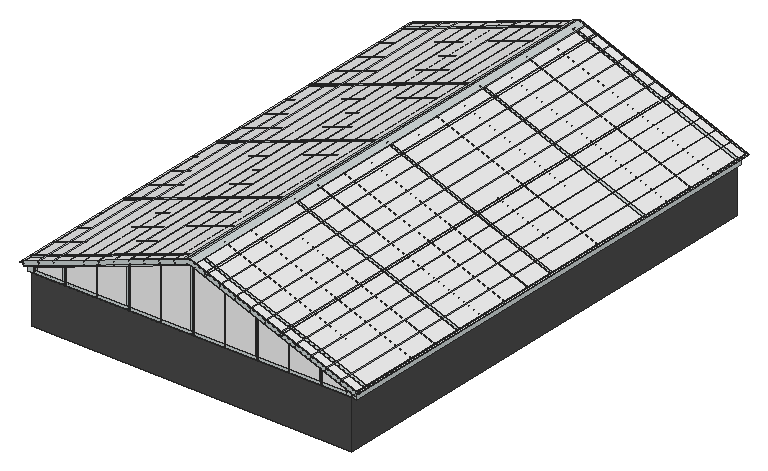
Revit family "Structures Unlimited Center Ridge Skylight", category Generic Models, host Roof, Revit 2018 (continued)
Definition of nested family "Center Ridge Skylight Roof Panels"
  Dimensions and locks (in)
    aligned and locked: Sweep 3 sketch curve to plane 230
  Automatic sketch dimensions
    Sweep 3 sketch curve to plane 112 = 0' - 0"
Definition of nested family "Center Ridge Skylight Edge Cap"
  Parameters (values of type "Center Ridge Skylight Edge Cap")
    Vertical Offset [instance] = 8' - 0"
    Thickness [instance] = 0' - 0 1/8"
    Span [instance] = 8' - 4"
    Roof Pitch [instance] = 20.00°
    Panel Offset [instance] = 0' 5" / cos(Roof Pitch) + 0' 0 1/8"  # 0' - 5.44589"
    Panel Depth [instance] = 0' - 2 3/4"
    Length [instance] = 16' - 8"
    Leg Length [instance] = 0' - 0 1/2"
    CRF [instance] = none
  Reference planes (in)
    plane 1 "Center (Front/Back)": y = 0
    plane 2: z = 0
    plane 3 "Center (Left/Right)": x = 0
    plane 4: x = -50
    plane 5: x = 50
    plane 6: y = -100
    plane 7: y = 100
    plane 8: z = 96
    plane 9: z = 3976
    plane 10: y = -100.125
    plane 11: y = -99.5
    plane 12: y = 99.5
    plane 13: y = 100.125
  Forms (in)
    Extrusion 1, solid, material <- "CRF"
      sketch origin (0, 0, 0) x (1, 0, 0) y (0, 0, 1)
        loop
          line (-56.10077, 96.83901) -> (-55.07471, 94.01993) -> (0, 114.06549) -> (55.07471, 94.01993) -> (56.10077, 96.83901) -> (0, 117.25802) -> (-56.10077, 96.83901)
      from -100.125 to 100.125
    Extrusion 2, void
      sketch origin (0, 0, 0) x (1, 0, 0) y (0, 0, 1)
        loop
          line (-55.07471, 94.01993) -> (0, 114.06549) -> (55.07471, 94.01993) -> (56.10077, 96.83901) -> (0, 117.25802) -> (-56.10077, 96.83901) -> (-55.07471, 94.01993)
      from -99.5 to 99.5
  Cuts and joins
    Extrusion 2 cuts Extrusion 1
  Lines and regions (in)
    reference lines
      curve 1: line (-50, 0, 96) -> (136.05914, 0, 163.71999)
      curve 2: line (50, 0, 96) -> (-175.52623, 0, 178.08483)
      curve 3: line (50, 0, 96) -> (127.98059, 0, 310.24992)
      curve 4: line (-50, 0, 96) -> (-130.03271, 0, 315.88807)
      curve 5: line (-24.15168, 0, 9.05961) -> (-112.39288, 0, 251.5003)
      curve 6: line (55.07471, 0, 94.01993) -> (142.78959, 0, 335.01458)
      curve 7: line (-179.02535, 0, 51.9651) -> (142.34952, 0, 168.93599)
      curve 8: line (378.17676, 0, -20.52008) -> (-210.07082, 0, 193.58453)
      curve 9: line (-249.91358, 0, 26.29692) -> (31.9942, 0, 128.90296)
      curve 10: line (-181.71572, 0, 47.92638) -> (111.46837, 0, 154.63666)
      curve 11: line (-219.08912, 0, 196.99994) -> (130.47654, 0, 69.76845)
      curve 12: line (-173.26839, 0, 177.13002) -> (131.19202, 0, 66.3155)
  Dimensions and locks (in)
    equal spacing: plane 7, plane 1 "Center (Front/Back)", plane 6
    equal spacing: plane 4, plane 3 "Center (Left/Right)", plane 5
    "Span": plane 4 to plane 5
    "Length": plane 7 to plane 6
    "Vertical Offset": plane 8 to plane 2
    locked: curve 1 to plane 8
    locked: curve 1 to plane 4
    locked: plane 5 to curve 2 at 0
    locked: curve 2 to plane 8 at 0
    "Panel Offset": curve 4 to curve 5
    "Panel Offset": curve 6 to curve 3
    "Panel Depth": curve 8 to curve 2
    "Panel Depth": curve 1 to curve 7
    "Thickness": curve 10 to curve 1
    "Thickness": curve 7 to curve 9
    "Thickness": curve 2 to curve 12
    "Thickness": curve 11 to curve 8
    "Thickness": plane 13 to plane 7
    "Thickness": plane 6 to plane 10
    "Leg Length": plane 7 to plane 12
    "Leg Length": plane 11 to plane 6
    "Roof Pitch": angle plane 8 to curve 1
    "Roof Pitch": angle curve 2 to plane 8
    "Roof Pitch": angle plane 4 to curve 4
    "Roof Pitch": angle curve 3 to plane 5
    "Roof Pitch": angle plane 4 to curve 5
    "Roof Pitch": angle curve 6 to plane 5
    "Roof Pitch": angle plane 8 to curve 7
    "Roof Pitch": angle curve 8 to plane 8
    "Roof Pitch": angle plane 2 to curve 10
    "Roof Pitch": angle plane 2 to curve 9
    "Roof Pitch": angle curve 12 to plane 2
    "Roof Pitch": angle curve 11 to plane 2
    aligned and locked: level to plane 2
    aligned and locked: Extrusion 1 to plane 13
    aligned and locked: Extrusion 1 to plane 10
    aligned and locked: plane 12 to Extrusion 2
    aligned and locked: plane 11 to Extrusion 2
    aligned and locked: Extrusion 1 sketch curve to curve 5
    aligned and locked: Extrusion 1 sketch curve to curve 9
    aligned and locked: curve 10 to Extrusion 1 sketch curve
    aligned and locked: curve 12 to Extrusion 1 sketch curve
    aligned and locked: Extrusion 1 sketch curve to curve 6
    aligned and locked: Extrusion 1 sketch curve to curve 11
    aligned and locked: Extrusion 2 sketch curve to curve 5
    aligned and locked: Extrusion 2 sketch curve to curve 9
    aligned and locked: curve 10 to Extrusion 2 sketch curve
    aligned and locked: Extrusion 2 sketch curve to curve 6
    aligned and locked: Extrusion 2 sketch curve to curve 11
    aligned and locked: curve 12 to Extrusion 2 sketch curve
  Automatic sketch dimensions
    plane 8 to curve 5 = 12' - 11.5003"
    curve 8 to curve 2 = 2' - 10.54459"
    curve 2 to curve 12 = 0' - 2.25784"
    curve 7 to plane 8 = 3' - 8.0349"
    curve 9 to plane 5 = 1' - 6.0058"
    curve 10 to curve 1 = 0' - 9.08333"
    curve 2 to curve 11 = 1' - 6.91511"
Definition of nested family "Center Ridge Skylight Walls"
  Parameters (values of type "Center Ridge Skylight Walls")
    Vertical Grid Spacing [instance] = 1' - 0"  # constant formula
    Panel Skin Thickness [instance] = 0' - 0.063"  # constant formula
    Roof Pitch [instance] = 20.00°
    Overlap Width [instance] = 0' - 1 3/4"  # constant formula
    Overlap Offset [instance] = Overlap Width / 2  # 0' - 0 7/8"
    IBeam Width [instance] = 0' - 0 1/2"  # constant formula
    IBeam Thickness [instance] = 0' - 2 5/8"  # constant formula
    Horizontal PD [instance] = 50' - 0"
    Horizontal Grid Spacing [instance] = Bay Spacing / 4  # 2' - 0"
    Half IBeam Width [instance] = IBeam Width / 2  # 0' - 0 1/4"
    Half Horizontal PD [instance] = Horizontal PD / 2  # 25' - 0"
    Default Elevation = 4' - 0"
    Cope Height [instance] = 0' - 6"
    CRF [instance] = none
    Bay Spacing [instance] = 8' - 0"
    Batten Width [instance] = 0' - 2"  # constant formula
    Batten Thickness [instance] = 0' - 0 1/8"  # constant formula
  Reference planes (in)
    plane 1 "Center (Front/Back)": y = 0
    plane 2: z = 0
    plane 3 "Center (Left/Right)": x = 0
    plane 4 "Left Panel": x = -300
    plane 5 "Right Panel": x = 300
    plane 6: z = 0.063
    plane 7: z = 2.688
    plane 8: z = 2.751
    plane 9: y = -1.75
    plane 10 "Left Outside": x = -1100
    plane 11 "Right Outside": x = 1100
    plane 12: y = 0.25
    plane 13 "Max Top PD": y = 1080
    plane 14 "Max Left PD": x = -1076
    plane 15 "Max Right PD": x = 1076
    plane 16 "Top Outside": y = 1104
    plane 17: x = -24
    plane 18: x = -48
    plane 19: x = -72
    plane 20: x = -96
    plane 21: x = -120
    plane 22: x = -144
    plane 23: x = -168
    plane 24: x = -192
    plane 25: x = 24
    plane 26: x = 48
    plane 27: x = 72
    plane 28: x = 96
    plane 29: x = 120
    plane 30: x = 144
    plane 31: x = 168
    plane 32: x = 192
    plane 33: x = 216
    plane 34: x = -216
    plane 35: x = -240
    plane 36: x = 240
    plane 37: x = -264
    plane 38: x = -288
    plane 39: x = -312
    plane 40: x = -336
    plane 41: x = -360
    plane 42: x = -384
    plane 43: x = -408
    plane 44: x = 264
    plane 45: x = 288
    plane 46: x = 312
    plane 47: x = 336
    plane 48: x = 360
    plane 49: x = 384
    plane 50: x = 408
    plane 51: y = 12.25
    plane 52: y = 24.25
    plane 53: y = 36.25
    plane 54: y = 48.25
    plane 55: y = 60.25
    plane 56: y = 72.25
    plane 57: y = 84.25
    plane 58: y = 96.25
    plane 59: y = 108.25
    plane 60: z = 2.876
    plane 61: z = -0.125
    plane 62 "Bot Max": y = -36
    plane 63 "Bot Outside": y = -48
    plane 64: x = -432
    plane 65: x = -456
    plane 66: x = 432
    plane 67: x = 456
    plane 68: y = 120.25
    plane 69: y = 132.25
    plane 70: y = 144.25
    plane 71: y = 156.25
    plane 72: y = 168.25
    plane 73: y = 180.25
    plane 74: y = 192.25
    plane 75: y = 204.25
    plane 76: y = 216.25
    plane 77: y = 228.25
    plane 78: y = 240.25
    plane 79: y = 252.25
    plane 80: y = 264.25
    plane 81: y = 276.25
    plane 82: y = 288.25
    plane 83: y = 300.25
    plane 84: y = 312.25
    plane 85: y = 324.25
    plane 86: y = 336.25
    plane 87: y = 348.25
    plane 88: y = 360.25
    plane 89: y = 372.25
    plane 90: y = 384.25
    plane 91: y = 396.25
    plane 92: y = 408.25
    plane 93: y = 420.25
    plane 94: y = 432.25
    plane 95: y = 444.25
    plane 96: y = 456.25
    plane 97: y = 468.25
    plane 98: y = 480.25
    plane 99: y = 492.25
    plane 100: y = 504.25
    plane 101: y = 516.25
    plane 102: y = 528.25
    plane 103: x = -480
    plane 104: x = -504
    plane 105: x = -528
    plane 106: x = -552
    plane 107: x = -576
    plane 108: x = -600
    plane 109: x = -624
    plane 110: x = -648
    plane 111: x = -672
    plane 112: x = -696
    plane 113: x = -720
    plane 114: x = -744
    plane 115: x = 480
    plane 116: x = 504
    plane 117: x = 552
    plane 118: x = 528
    plane 119: x = 576
    plane 120: x = 600
    plane 121: x = 648
    plane 122: x = 624
    plane 123: x = 672
    plane 124: x = 696
    plane 125: x = 720
    plane 126: x = 744
    plane 127: y = 540.25
    plane 128: y = 552.25
    plane 129: y = 564.25
    plane 130: y = 576.25
    plane 131: y = 588.25
    plane 132: y = 600.25
    plane 133: y = 612.25
    plane 134: y = 624.25
    plane 135: y = 636.25
    plane 136: y = 648.25
    plane 137: y = 660.25
    plane 138: y = 684.25
    plane 139: y = 696.25
    plane 140: y = 672.25
    plane 141: y = 708.25
    plane 142: y = 720.25
    plane 143: y = 744.25
    plane 144: y = 732.25
    plane 145: y = 768.25
    plane 146: y = 756.25
    plane 147: y = 780.25
    plane 148: y = 804.25
    plane 149: y = 792.25
    plane 150: y = 816.25
    plane 151: y = 828.25
    plane 152: y = 840.25
    plane 153: y = 852.25
    plane 154: y = 864.25
    plane 155: y = 876.25
    plane 156: y = 888.25
    plane 157: y = 900.25
    plane 158: y = 912.25
    plane 159: y = 936.25
    plane 160: y = 948.25
    plane 161: y = 960.25
    plane 162: y = 924.25
  Forms (in)
    Extrusion 1, solid
      sketch origin (0, 0, 0) x (1, 0, 0) y (0, 1, 0)
        loop
          line (1076, 0) -> (1076, 1080) -> (-1076, 1080) -> (-1076, 0) -> (1076, 0)
      from 0.063 to 0
    Extrusion 2, solid
      sketch origin (0, 0, 0) x (1, 0, 0) y (0, 1, 0)
        loop
          line (1076, 0) -> (1076, 1080) -> (-1076, 1080) -> (-1076, 0) -> (1076, 0)
      from 2.688 to 2.751
    Sweep 3, solid
      path origin (0, 0, 0) x (1, 0, 0) y (0, 1, 0)
        loop
          line (1076, 1080) -> (1076, 0.25) -> (744, 0.25) -> (744, 1080) -> (720, 1080) -> (720, 0.25) -> (696, 0.25) -> (696, 1080) -> (672, 1080) -> (672, 0.25) -> (648, 0.25) -> (648, 1080) -> (624, 1080) -> (624, 0.25) -> (600, 0.25) -> (600, 1080) -> (576, 1080) -> (576, 0.25) -> (552, 0.25) -> (552, 1080) -> (528, 1080) -> (528, 0.25) -> (504, 0.25) -> (504, 1080) -> (480, 1080) -> (480, 0.25) -> (456, 0.25) -> (456, 1080) -> (432, 1080) -> (432, 0.25) -> (408, 0.25) -> (408, 1080) -> (384, 1080) -> (384, 0.25) -> (360, 0.25) -> (360, 1080) -> (336, 1080) -> (336, 0.25) -> (312, 0.25) -> (312, 1080) -> (288, 1080) -> (288, 0.25) -> (264, 0.25) -> (264, 1080) -> (240, 1080) -> (240, 0.25) -> (216, 0.25) -> (216, 1080) -> (192, 1080) -> (192, 0.25) -> (168, 0.25) -> (168, 1080) -> (144, 1080) -> (144, 0.25) -> (120, 0.25) -> (120, 1080) -> (96, 1080) -> (96, 0.25) -> (72, 0.25) -> (72, 1080) -> (48, 1080) -> (48, 0.25) -> (24, 0.25) -> (24, 1080) -> (0, 1080) -> (0, 0.25) -> (-24, 0.25) -> (-24, 1080) -> (-48, 1080) -> (-48, 0.25) -> (-72, 0.25) -> (-72, 1080) -> (-96, 1080) -> (-96, 0.25) -> (-120, 0.25) -> (-120, 1080) -> (-144, 1080) -> (-144, 0.25) -> (-168, 0.25) -> (-168, 1080) -> (-192, 1080) -> (-192, 0.25) -> (-216, 0.25) -> (-216, 1080) -> (-240, 1080) -> (-240, 0.25) -> (-264, 0.25) -> (-264, 1080) -> (-288, 1080) -> (-288, 0.25) -> (-312, 0.25) -> (-312, 1080) -> (-336, 1080) -> (-336, 0.25) -> (-360, 0.25) -> (-360, 1080) -> (-384, 1080) -> (-384, 0.25) -> (-408, 0.25) -> (-408, 1080) -> (-432, 1080) -> (-432, 0.25) -> (-456, 0.25) -> (-456, 1080) -> (-480, 1080) -> (-480, 0.25) -> (-504, 0.25) -> (-504, 1080) -> (-528, 1080) -> (-528, 0.25) -> (-552, 0.25) -> (-552, 1080) -> (-576, 1080) -> (-576, 0.25) -> (-600, 0.25) -> (-600, 1080) -> (-624, 1080) -> (-624, 0.25) -> (-648, 0.25) -> (-648, 1080) -> (-672, 1080) -> (-672, 0.25) -> (-696, 0.25) -> (-696, 1080) -> (-720, 1080) -> (-720, 0.25) -> (-744, 0.25) -> (-744, 1080) -> (-1076, 1080) -> (-1076, 0.25)
      profile origin (-1076, 540.125, 0) x (1, 0, 0) y (0, 0, 1)
        loop
          line (0.25, 0.063) -> (0.25, 2.688) -> (-0.25, 2.688) -> (-0.25, 0.063) -> (0.25, 0.063)
    Sweep 4, solid
      path origin (0, 0, 0) x (1, 0, 0) y (0, 1, 0)
        loop
          line (1076, 1080) -> (-1076, 1080) -> (-1076, 960.25) -> (1076, 960.25) -> (1076, 948.25) -> (-1076, 948.25) -> (-1076, 936.25) -> (1076, 936.25) -> (1076, 924.25) -> (-1076, 924.25) -> (-1076, 912.25) -> (1076, 912.25) -> (1076, 900.25) -> (-1076, 900.25) -> (-1076, 888.25) -> (1076, 888.25) -> (1076, 876.25) -> (-1076, 876.25) -> (-1076, 864.25) -> (1076, 864.25) -> (1076, 852.25) -> (-1076, 852.25) -> (-1076, 840.25) -> (1076, 840.25) -> (1076, 828.25) -> (-1076, 828.25) -> (-1076, 816.25) -> (1076, 816.25) -> (1076, 804.25) -> (-1076, 804.25) -> (-1076, 792.25) -> (1076, 792.25) -> (1076, 780.25) -> (-1076, 780.25) -> (-1076, 768.25) -> (1076, 768.25) -> (1076, 756.25) -> (-1076, 756.25) -> (-1076, 744.25) -> (1076, 744.25) -> (1076, 732.25) -> (-1076, 732.25) -> (-1076, 720.25) -> (1076, 720.25) -> (1076, 708.25) -> (-1076, 708.25) -> (-1076, 696.25) -> (1076, 696.25) -> (1076, 684.25) -> (-1076, 684.25) -> (-1076, 672.25) -> (1076, 672.25) -> (1076, 660.25) -> (-1076, 660.25) -> (-1076, 648.25) -> (1076, 648.25) -> (1076, 636.25) -> (-1076, 636.25) -> (-1076, 624.25) -> (1076, 624.25) -> (1076, 612.25) -> (-1076, 612.25) -> (-1076, 600.25) -> (1076, 600.25) -> (1076, 588.25) -> (-1076, 588.25) -> (-1076, 576.25) -> (1076, 576.25) -> (1076, 564.25) -> (-1076, 564.25) -> (-1076, 552.25) -> (1076, 552.25) -> (1076, 540.25) -> (-1076, 540.25) -> (-1076, 528.25) -> (1076, 528.25) -> (1076, 516.25) -> (-1076, 516.25) -> (-1076, 504.25) -> (1076, 504.25) -> (1076, 492.25) -> (-1076, 492.25) -> (-1076, 480.25) -> (1076, 480.25) -> (1076, 468.25) -> (-1076, 468.25) -> (-1076, 456.25) -> (1076, 456.25) -> (1076, 444.25) -> (-1076, 444.25) -> (-1076, 432.25) -> (1076, 432.25) -> (1076, 420.25) -> (-1076, 420.25) -> (-1076, 408.25) -> (1076, 408.25) -> (1076, 396.25) -> (-1076, 396.25) -> (-1076, 384.25) -> (1076, 384.25) -> (1076, 372.25) -> (-1076, 372.25) -> (-1076, 360.25) -> (1076, 360.25) -> (1076, 348.25) -> (-1076, 348.25) -> (-1076, 336.25) -> (1076, 336.25) -> (1076, 324.25) -> (-1076, 324.25) -> (-1076, 312.25) -> (1076, 312.25) -> (1076, 300.25) -> (-1076, 300.25) -> (-1076, 288.25) -> (1076, 288.25) -> (1076, 276.25) -> (-1076, 276.25) -> (-1076, 264.25) -> (1076, 264.25) -> (1076, 252.25) -> (-1076, 252.25) -> (-1076, 240.25) -> (1076, 240.25) -> (1076, 228.25) -> (-1076, 228.25) -> (-1076, 216.25) -> (1076, 216.25) -> (1076, 204.25) -> (-1076, 204.25) -> (-1076, 192.25) -> (1076, 192.25) -> (1076, 180.25) -> (-1076, 180.25) -> (-1076, 168.25) -> (1076, 168.25) -> (1076, 156.25) -> (-1076, 156.25) -> (-1076, 144.25) -> (1076, 144.25) -> (1076, 132.25) -> (-1076, 132.25) -> (-1076, 120.25) -> (1076, 120.25) -> (1076, 108.25) -> (-1076, 108.25) -> (-1076, 96.25) -> (1076, 96.25) -> (1076, 84.25) -> (-1076, 84.25) -> (-1076, 72.25) -> (1076, 72.25) -> (1076, 60.25) -> (-1076, 60.25) -> (-1076, 48.25) -> (1076, 48.25) -> (1076, 36.25) -> (-1076, 36.25) -> (-1076, 24.25) -> (1076, 24.25) -> (1076, 12.25) -> (-1076, 12.25) -> (-1076, 0.25) -> (1076, 0.25)
      profile origin (0, 0.25, 0) x (0, 1, 0) y (0, 0, 1)
        loop
          line (-0.25, 2.688) -> (-0.25, 0.063) -> (0.25, 0.063) -> (0.25, 2.688) -> (-0.25, 2.688)
    Extrusion 5, void
      sketch origin (0, 0, 0) x (1, 0, 0) y (0, 1, 0)
        loop
          line (-300, -1.75) -> (-300, 6) -> (0, 115.19107) -> (300, 6) -> (300, -1.75) -> (1100, -1.75) -> (1100, 1104) -> (-1100, 1104) -> (-1100, -1.75) -> (-300, -1.75)
      from -0.125 to 2.876
    Extrusion 6, void
      sketch origin (0, 0, 0) x (1, 0, 0) y (0, 1, 0)
        loop
          line (-1100, -48) -> (1100, -48) -> (1100, 0) -> (-1100, 0) -> (-1100, -48)
      from -0.125 to 2.876
    Sweep 7, solid, material <- "CRF"
      path origin (0, 0, 0) x (1, 0, 0) y (0, 1, 0)
        loop
          line (-1076, 1080) -> (-1076, -36) -> (-720, -36) -> (-720, 1080) -> (-672, 1080) -> (-672, -36) -> (-624, -36) -> (-624, 1080) -> (-576, 1080) -> (-576, -36) -> (-528, -36) -> (-528, 1080) -> (-480, 1080) -> (-480, -36) -> (-432, -36) -> (-432, 1080) -> (-384, 1080) -> (-384, -36) -> (-336, -36) -> (-336, 1080) -> (-288, 1080) -> (-288, -36) -> (-240, -36) -> (-240, 1080) -> (-192, 1080) -> (-192, -36) -> (-144, -36) -> (-144, 1080) -> (-96, 1080) -> (-96, -36) -> (-48, -36) -> (-48, 1080) -> (0, 1080) -> (0, -36) -> (48, -36) -> (48, 1080) -> (96, 1080) -> (96, -36) -> (144, -36) -> (144, 1080) -> (192, 1080) -> (192, -36) -> (240, -36) -> (240, 1080) -> (288, 1080) -> (288, -36) -> (336, -36) -> (336, 1080) -> (384, 1080) -> (384, -36) -> (432, -36) -> (432, 1080) -> (480, 1080) -> (480, -36) -> (528, -36) -> (528, 1080) -> (576, 1080) -> (576, -36) -> (624, -36) -> (624, 1080) -> (672, 1080) -> (672, -36) -> (720, -36) -> (720, 1080) -> (1076, 1080) -> (1076, -36)
      profile origin (-1076, 522, 0) x (1, 0, 0) y (0, 0, 1)
        loop
          line (-1, 2.876) -> (-1, -0.125) -> (1, -0.125) -> (1, 2.876) -> (-1, 2.876)
    Sweep 8, solid, material <- "CRF"
      path origin (0, 0, 0) x (1, 0, 0) y (0, 1, 0)
        loop
          line (300, 0) -> (300, 6) -> (0, 115.19107) -> (-300, 6) -> (-300, 0) -> (300, 0)
      profile origin (0, 0, 0) x (0, -1, 0) y (0, 0, 1)
        loop
          line (-2, 2.9385) -> (-2, 2.751) -> (0, 2.751) -> (0, 2.9385) -> (-2, 2.9385)
        loop
          line (-2, 0) -> (-2, -0.1875) -> (0, -0.1875) -> (0, 0) -> (-2, 0)
  Cuts and joins
    Extrusion 5, Extrusion 6 cuts Sweep 4
    Extrusion 5, Extrusion 6 cuts Sweep 3
    Extrusion 5 cuts Extrusion 2
    Extrusion 5, Extrusion 6 cuts Extrusion 1
    Extrusion 5, Extrusion 6 cuts Sweep 7
  Lines and regions (in)
    reference lines
      curve 1: line (-300, 6, 0) -> (-1.17775, 114.76241, 0)
      curve 2: line (300, 6, 0) -> (-128.49984, 161.96119, 0)
  Dimensions and locks (in)
    "Cope Height": plane 1 "Center (Front/Back)" to curve 1
    locked: plane 4 "Left Panel" to curve 1
    locked: plane 5 "Right Panel" to curve 2
    "Cope Height": plane 1 "Center (Front/Back)" to curve 2
    "Panel Skin Thickness": plane 6 to plane 2
    "IBeam Thickness": plane 7 to plane 6
    "Panel Skin Thickness": plane 8 to plane 7
    "Half Horizontal PD": plane 4 "Left Panel" to plane 3 "Center (Left/Right)"
    "Half Horizontal PD": plane 3 "Center (Left/Right)" to plane 5 "Right Panel"
    "Overlap Width": plane 1 "Center (Front/Back)" to plane 9
    locked: plane 10 "Left Outside" to plane 3 "Center (Left/Right)" at 1100
    locked: plane 3 "Center (Left/Right)" to plane 11 "Right Outside" at 1100
    "Half IBeam Width": plane 1 "Center (Front/Back)" to plane 12
    locked: plane 1 "Center (Front/Back)" to plane 13 "Max Top PD" at 1080
    equal spacing: Sweep 3 sketch curve, profile plane, Sweep 3 sketch curve
    "IBeam Width": Sweep 3 sketch curve to Sweep 3 sketch curve
    "IBeam Width": Sweep 4 sketch curve to Sweep 4 sketch curve
    equal spacing: Sweep 4 sketch curve, plane 12, Sweep 4 sketch curve
    "Batten Thickness": plane 60 to plane 8
    "Batten Thickness": plane 2 to plane 61
    locked: plane 62 "Bot Max" to plane 1 "Center (Front/Back)" at 36
    locked: plane 63 "Bot Outside" to plane 1 "Center (Front/Back)" at 48
    "Horizontal Grid Spacing": plane 65 to plane 64 to plane 43 to plane 42 to plane 41 to plane 40 to plane 39 to plane 38 to plane 37 to plane 35 to plane 34 to plane 24 to plane 23 to plane 22 to plane 21 to plane 20 to plane 19 to plane 18 to plane 17 to plane 3 "Center (Left/Right)" to plane 25 to plane 26 to plane 27 to plane 28 to plane 29 to plane 30 to plane 31 to plane 32 to plane 33 to plane 36 to plane 44 to plane 45 to plane 46 to plane 47 to plane 48 to plane 49 to plane 50 to plane 66 to plane 67
    "Vertical Grid Spacing": plane 102 to plane 101 to plane 100 to plane 99 to plane 98 to plane 97 to plane 96 to plane 95 to plane 94 to plane 93 to plane 92 to plane 91 to plane 90 to plane 89 to plane 88 to plane 87 to plane 86 to plane 85 to plane 84 to plane 83 to plane 82 to plane 81 to plane 80 to plane 79 to plane 78 to plane 77 to plane 76 to plane 75 to plane 74 to plane 73 to plane 72 to plane 71 to plane 70 to plane 69 to plane 68 to plane 59 to plane 58 to plane 57 to plane 56 to plane 55 to plane 54 to plane 53 to plane 52 to plane 51 to plane 12
    equal spacing: Sweep 7 sketch curve, profile plane, Sweep 7 sketch curve
    "Batten Width": Sweep 7 sketch curve to Sweep 7 sketch curve
    locked: plane 10 "Left Outside" to plane 14 "Max Left PD" at 24
    locked: plane 15 "Max Right PD" to plane 11 "Right Outside" at 24
    locked: plane 16 "Top Outside" to plane 13 "Max Top PD" at 24
    "Horizontal Grid Spacing": plane 114 to plane 113 to plane 112 to plane 111 to plane 110 to plane 109 to plane 108 to plane 107 to plane 106 to plane 105 to plane 104 to plane 103 to plane 65
    "Horizontal Grid Spacing": plane 67 to plane 115 to plane 116 to plane 118 to plane 117 to plane 119 to plane 120 to plane 122 to plane 121 to plane 123 to plane 124 to plane 125 to plane 126
    "Vertical Grid Spacing": plane 102 to plane 127 to plane 128 to plane 129 to plane 130 to plane 131 to plane 132 to plane 133 to plane 134 to plane 135 to plane 136 to plane 137 to plane 140 to plane 138 to plane 139 to plane 141 to plane 142 to plane 144 to plane 143 to plane 146 to plane 145 to plane 147
    "Vertical Grid Spacing": plane 147 to plane 149 to plane 148 to plane 150 to plane 151 to plane 152 to plane 153 to plane 154 to plane 155 to plane 156 to plane 157 to plane 158 to plane 162 to plane 159 to plane 160 to plane 161
    "Batten Width": Sweep 8 sketch curve to Sweep 8 sketch curve  (x2)
    locked: Sweep 8 sketch curve to Sweep 8 sketch curve at 0.1875  (x2)
    "Roof Pitch": angle plane 1 "Center (Front/Back)" to curve 1
    "Roof Pitch": angle curve 2 to plane 1 "Center (Front/Back)"
    aligned and locked: level to plane 2
    aligned and locked: Extrusion 1 sketch curve to plane 1 "Center (Front/Back)"
    aligned and locked: plane 2 to Extrusion 1
    aligned and locked: Extrusion 1 to plane 6
    aligned and locked: Extrusion 2 to plane 7
    aligned and locked: Extrusion 2 to plane 8
    aligned and locked: Sweep 3 sketch curve to plane 14 "Max Left PD"
    aligned and locked: Sweep 3 sketch curve to plane 13 "Max Top PD"  (x30)
    aligned and locked: Sweep 3 sketch curve to plane 42
    aligned and locked: Sweep 3 sketch curve to plane 41
    aligned and locked: Sweep 3 sketch curve to plane 40
    aligned and locked: Sweep 3 sketch curve to plane 39
    aligned and locked: Sweep 3 sketch curve to plane 38
    aligned and locked: Sweep 3 sketch curve to plane 37
    aligned and locked: Sweep 3 sketch curve to plane 35
    aligned and locked: Sweep 3 sketch curve to plane 34
    aligned and locked: Sweep 3 sketch curve to plane 24
    aligned and locked: Sweep 3 sketch curve to plane 23
    aligned and locked: Sweep 3 sketch curve to plane 22
    aligned and locked: Sweep 3 sketch curve to plane 21
    aligned and locked: Sweep 3 sketch curve to plane 20
    aligned and locked: Sweep 3 sketch curve to plane 19
    aligned and locked: Sweep 3 sketch curve to plane 18
    aligned and locked: Sweep 3 sketch curve to plane 17
    aligned and locked: Sweep 3 sketch curve to plane 3 "Center (Left/Right)"
    aligned and locked: Sweep 3 sketch curve to plane 25
    aligned and locked: Sweep 3 sketch curve to plane 26
    aligned and locked: Sweep 3 sketch curve to plane 27
    aligned and locked: Sweep 3 sketch curve to plane 28
    aligned and locked: Sweep 3 sketch curve to plane 29
    aligned and locked: Sweep 3 sketch curve to plane 30
    aligned and locked: Sweep 3 sketch curve to plane 31
    aligned and locked: Sweep 3 sketch curve to plane 32
    aligned and locked: Sweep 3 sketch curve to plane 33
    aligned and locked: Sweep 3 sketch curve to plane 36
    aligned and locked: Sweep 3 sketch curve to plane 44
    aligned and locked: Sweep 3 sketch curve to plane 45
    aligned and locked: Sweep 3 sketch curve to plane 46
    aligned and locked: Sweep 3 sketch curve to plane 47
    aligned and locked: Sweep 3 sketch curve to plane 48
    aligned and locked: Sweep 3 sketch curve to plane 49
    aligned and locked: Sweep 3 sketch curve to plane 50
    aligned and locked: Sweep 3 sketch curve to plane 12  (x32)
    aligned and locked: plane 12 to Sweep 3 sketch curve
    aligned and locked: Sweep 3 sketch curve to plane 7
    aligned and locked: plane 6 to Sweep 3 sketch curve
    aligned and locked: Extrusion 2 sketch curve to plane 15 "Max Right PD"
    aligned and locked: plane 14 "Max Left PD" to Extrusion 2 sketch curve
    aligned and locked: Extrusion 2 sketch curve to plane 13 "Max Top PD"
    aligned and locked: Extrusion 1 sketch curve to plane 13 "Max Top PD"
    aligned and locked: Extrusion 1 sketch curve to plane 14 "Max Left PD"
    aligned and locked: Extrusion 1 sketch curve to plane 15 "Max Right PD"
    aligned and locked: Sweep 4 sketch curve to plane 12
    aligned and locked: Sweep 4 sketch curve to plane 51
    aligned and locked: Sweep 4 sketch curve to plane 52
    aligned and locked: Sweep 4 sketch curve to plane 53
    aligned and locked: Sweep 4 sketch curve to plane 54
    aligned and locked: Sweep 4 sketch curve to plane 55
    aligned and locked: Sweep 4 sketch curve to plane 56
    aligned and locked: Sweep 4 sketch curve to plane 57
    aligned and locked: Sweep 4 sketch curve to plane 58
    aligned and locked: Sweep 4 sketch curve to plane 59
    aligned and locked: Sweep 4 sketch curve to plane 13 "Max Top PD"
    aligned and locked: plane 15 "Max Right PD" to Sweep 4 sketch curve
    aligned and locked: plane 14 "Max Left PD" to Sweep 4 sketch curve  (x41)
    aligned and locked: Sweep 4 sketch curve to plane 15 "Max Right PD"  (x41)
    aligned and locked: plane 6 to Sweep 4 sketch curve
    aligned and locked: Sweep 4 sketch curve to plane 7
    aligned and locked: Extrusion 5 sketch curve to plane 16 "Top Outside"
    aligned and locked: plane 9 to Extrusion 5 sketch curve
    aligned and locked: Extrusion 5 sketch curve to plane 9
    aligned and locked: Extrusion 5 sketch curve to curve 1
    aligned and locked: Extrusion 5 sketch curve to curve 2
    aligned and locked: Extrusion 5 sketch curve to plane 11 "Right Outside"
    aligned and locked: plane 10 "Left Outside" to Extrusion 5 sketch curve
    aligned and locked: Extrusion 5 to plane 61
    aligned and locked: Extrusion 5 to plane 60
    aligned and locked: Extrusion 6 sketch curve to plane 1 "Center (Front/Back)"
    aligned and locked: plane 11 "Right Outside" to Extrusion 6 sketch curve
    aligned and locked: Extrusion 6 sketch curve to plane 10 "Left Outside"
    aligned and locked: Extrusion 6 sketch curve to plane 63 "Bot Outside"
    aligned and locked: plane 61 to Extrusion 6
    aligned and locked: plane 60 to Extrusion 6
    aligned and locked: Sweep 3 sketch curve to plane 65
    aligned and locked: Sweep 3 sketch curve to plane 64
    aligned and locked: Sweep 3 sketch curve to plane 43
    aligned and locked: Sweep 3 sketch curve to plane 66
    aligned and locked: Sweep 3 sketch curve to plane 67
    aligned and locked: Sweep 3 sketch curve to plane 15 "Max Right PD"
    aligned and locked: Sweep 4 sketch curve to plane 68
    aligned and locked: Sweep 4 sketch curve to plane 69
    aligned and locked: Sweep 4 sketch curve to plane 70
    aligned and locked: Sweep 4 sketch curve to plane 71
    aligned and locked: Sweep 4 sketch curve to plane 72
    aligned and locked: Sweep 4 sketch curve to plane 73
    aligned and locked: Sweep 4 sketch curve to plane 74
    aligned and locked: Sweep 4 sketch curve to plane 75
    aligned and locked: Sweep 4 sketch curve to plane 76
    aligned and locked: Sweep 4 sketch curve to plane 77
    aligned and locked: Sweep 4 sketch curve to plane 78
    aligned and locked: Sweep 4 sketch curve to plane 79
    aligned and locked: Sweep 4 sketch curve to plane 80
    aligned and locked: Sweep 4 sketch curve to plane 81
    aligned and locked: Sweep 4 sketch curve to plane 82
    aligned and locked: Sweep 4 sketch curve to plane 83
    aligned and locked: Sweep 4 sketch curve to plane 84
    aligned and locked: Sweep 4 sketch curve to plane 85
    aligned and locked: Sweep 4 sketch curve to plane 86
    aligned and locked: Sweep 4 sketch curve to plane 87
    aligned and locked: Sweep 4 sketch curve to plane 88
    aligned and locked: Sweep 4 sketch curve to plane 89
    aligned and locked: Sweep 4 sketch curve to plane 90
    aligned and locked: Sweep 4 sketch curve to plane 91
    aligned and locked: Sweep 4 sketch curve to plane 92
    aligned and locked: Sweep 4 sketch curve to plane 93
    aligned and locked: Sweep 4 sketch curve to plane 94
    aligned and locked: Sweep 4 sketch curve to plane 95
    aligned and locked: Sweep 4 sketch curve to plane 96
    aligned and locked: Sweep 4 sketch curve to plane 97
    aligned and locked: Sweep 4 sketch curve to plane 98
    aligned and locked: Sweep 4 sketch curve to plane 99
    aligned and locked: Sweep 4 sketch curve to plane 100
    aligned and locked: Sweep 4 sketch curve to plane 101
    aligned and locked: Sweep 4 sketch curve to plane 102
    aligned and locked: Sweep 7 sketch curve to plane 14 "Max Left PD"
    aligned and locked: Sweep 7 sketch curve to plane 42
    aligned and locked: Sweep 7 sketch curve to plane 38
    aligned and locked: Sweep 7 sketch curve to plane 24
    aligned and locked: Sweep 7 sketch curve to plane 20
    aligned and locked: Sweep 7 sketch curve to plane 3 "Center (Left/Right)"
    aligned and locked: Sweep 7 sketch curve to plane 28
    aligned and locked: Sweep 7 sketch curve to plane 32
    aligned and locked: Sweep 7 sketch curve to plane 45
    aligned and locked: Sweep 7 sketch curve to plane 49
    aligned and locked: Sweep 7 sketch curve to plane 15 "Max Right PD"
    aligned and locked: Sweep 7 sketch curve to plane 13 "Max Top PD"  (x14)
    aligned and locked: Sweep 7 sketch curve to plane 62 "Bot Max"  (x10)
    aligned and locked: plane 61 to Sweep 7 sketch curve
    aligned and locked: Sweep 7 sketch curve to plane 60
    aligned and locked: Sweep 3 sketch curve to plane 103
    aligned and locked: Sweep 3 sketch curve to plane 104
    aligned and locked: Sweep 3 sketch curve to plane 105
    aligned and locked: Sweep 3 sketch curve to plane 106
    aligned and locked: Sweep 3 sketch curve to plane 107
    aligned and locked: Sweep 3 sketch curve to plane 108
    aligned and locked: Sweep 3 sketch curve to plane 109
    aligned and locked: Sweep 3 sketch curve to plane 110
    aligned and locked: Sweep 3 sketch curve to plane 111
    aligned and locked: Sweep 3 sketch curve to plane 112
    aligned and locked: Sweep 3 sketch curve to plane 113
    aligned and locked: Sweep 3 sketch curve to plane 114
    aligned and locked: Sweep 3 sketch curve to plane 115
    aligned and locked: Sweep 3 sketch curve to plane 116
    aligned and locked: Sweep 3 sketch curve to plane 118
    aligned and locked: Sweep 3 sketch curve to plane 117
    aligned and locked: Sweep 3 sketch curve to plane 119
    aligned and locked: Sweep 3 sketch curve to plane 120
    aligned and locked: Sweep 3 sketch curve to plane 122
    aligned and locked: Sweep 3 sketch curve to plane 121
    aligned and locked: Sweep 3 sketch curve to plane 123
    aligned and locked: Sweep 3 sketch curve to plane 124
    aligned and locked: Sweep 3 sketch curve to plane 125
    aligned and locked: Sweep 3 sketch curve to plane 126
    aligned and locked: plane 13 "Max Top PD" to Sweep 3 sketch curve  (x3)
    aligned and locked: Sweep 4 sketch curve to plane 127
    aligned and locked: Sweep 4 sketch curve to plane 128
    aligned and locked: Sweep 4 sketch curve to plane 129
    aligned and locked: Sweep 4 sketch curve to plane 130
    aligned and locked: Sweep 4 sketch curve to plane 131
    aligned and locked: Sweep 4 sketch curve to plane 132
    aligned and locked: Sweep 4 sketch curve to plane 133
    aligned and locked: Sweep 4 sketch curve to plane 134
    aligned and locked: Sweep 4 sketch curve to plane 135
    aligned and locked: Sweep 4 sketch curve to plane 136
    aligned and locked: Sweep 4 sketch curve to plane 137
    aligned and locked: Sweep 4 sketch curve to plane 140
    aligned and locked: Sweep 4 sketch curve to plane 138
    aligned and locked: Sweep 4 sketch curve to plane 139
    aligned and locked: Sweep 4 sketch curve to plane 141
    aligned and locked: Sweep 4 sketch curve to plane 142
    aligned and locked: Sweep 4 sketch curve to plane 144
    aligned and locked: Sweep 4 sketch curve to plane 143
    aligned and locked: Sweep 4 sketch curve to plane 146
    aligned and locked: Sweep 4 sketch curve to plane 145
    aligned and locked: Sweep 4 sketch curve to plane 147
    aligned and locked: Sweep 4 sketch curve to plane 149
    aligned and locked: Sweep 4 sketch curve to plane 148
    aligned and locked: Sweep 4 sketch curve to plane 150
    aligned and locked: Sweep 4 sketch curve to plane 151
    aligned and locked: Sweep 4 sketch curve to plane 152
    aligned and locked: Sweep 4 sketch curve to plane 153
    aligned and locked: Sweep 4 sketch curve to plane 154
    aligned and locked: Sweep 4 sketch curve to plane 155
    aligned and locked: Sweep 4 sketch curve to plane 156
    aligned and locked: Sweep 4 sketch curve to plane 157
    aligned and locked: Sweep 4 sketch curve to plane 158
    aligned and locked: Sweep 4 sketch curve to plane 162
    aligned and locked: Sweep 4 sketch curve to plane 159
    aligned and locked: Sweep 4 sketch curve to plane 160
    aligned and locked: Sweep 4 sketch curve to plane 161
    aligned and locked: Sweep 7 sketch curve to plane 103
    aligned and locked: Sweep 7 sketch curve to plane 107
    aligned and locked: Sweep 7 sketch curve to plane 111
    aligned and locked: Sweep 7 sketch curve to plane 115
    aligned and locked: Sweep 7 sketch curve to plane 119
    aligned and locked: Sweep 7 sketch curve to plane 123
    aligned and locked: plane 62 "Bot Max" to Sweep 7 sketch curve  (x7)
    aligned and locked: plane 13 "Max Top PD" to Sweep 7 sketch curve  (x4)
    aligned and locked: Extrusion 2 sketch curve to plane 1 "Center (Front/Back)"
    aligned and locked: Extrusion 5 sketch curve to plane 4 "Left Panel"
    aligned and locked: Extrusion 5 sketch curve to plane 5 "Right Panel"
    aligned and locked: Sweep 7 sketch curve to plane 113
    aligned and locked: Sweep 7 sketch curve to plane 109
    aligned and locked: Sweep 7 sketch curve to plane 105
    aligned and locked: Sweep 7 sketch curve to plane 64
    aligned and locked: Sweep 7 sketch curve to plane 40
    aligned and locked: Sweep 7 sketch curve to plane 35
    aligned and locked: Sweep 7 sketch curve to plane 22
    aligned and locked: Sweep 7 sketch curve to plane 18
    aligned and locked: Sweep 7 sketch curve to plane 26
    aligned and locked: Sweep 7 sketch curve to plane 30
    aligned and locked: Sweep 7 sketch curve to plane 36
    aligned and locked: Sweep 7 sketch curve to plane 47
    aligned and locked: Sweep 7 sketch curve to plane 66
    aligned and locked: Sweep 7 sketch curve to plane 118
    aligned and locked: Sweep 7 sketch curve to plane 122
    aligned and locked: Sweep 7 sketch curve to plane 125
    aligned and locked: Sweep 8 sketch curve to plane 1 "Center (Front/Back)"
    aligned and locked: Sweep 8 sketch curve to plane 4 "Left Panel"
    aligned and locked: Sweep 8 sketch curve to curve 1
    aligned and locked: Sweep 8 sketch curve to curve 2
    aligned and locked: Sweep 8 sketch curve to plane 5 "Right Panel"
    aligned and locked: profile plane to Sweep 8 sketch curve  (x2)
    aligned and locked: Sweep 8 sketch curve to profile plane
    aligned and locked: plane 8 to Sweep 8 sketch curve
  Automatic sketch dimensions
    Sweep 3 sketch curve to plane 112 = 0' - 0"
Definition of nested family "Center Ridge Skylight Frame"
  Parameters (values of type "Center Ridge Skylight Frame")
    Void Width [instance] = Bay Spacing - Beam Width  # 7' - 7"
    Void Offset [instance] = if(Even Bays, Bay Spacing / 2, 0' 0")  # 4' - 0"
    Roof Pitch [instance] = 20.00°
    OCD Span [instance] = 15' - 0"
    OCD Length [instance] = 29' - 2"
    KCRF [instance] = none
    Even Bays [instance] = yes
    Cope Height [instance] = 0' - 6"
    Beam Width [instance] = 0' - 5"
    Beam Height [instance] = 0' - 10"
    Bay Spacing [instance] = 8' - 0"
  Reference planes (in)
    plane 1 "Center (Front/Back)": y = 0
    plane 2: z = 0
    plane 3 "Center (Left/Right)": x = 0
    plane 4: y = 175
    plane 5: y = -175
    plane 6: x = -90
    plane 7: x = 90
    plane 8: x = -89
    plane 9: x = 89
    plane 10: y = -171.5
    plane 11: y = 171.5
    plane 12: z = 6
    plane 13: y = -48
    plane 14: y = 48
    plane 15: y = 144
    plane 16: y = -144
    plane 17: y = 240
    plane 18: y = 336
    plane 19: y = -240
    plane 20: y = -336
    plane 21: y = 432
    plane 22: y = 528
    plane 23: y = 624
    plane 24: y = 720
    plane 25: y = 816
    plane 26: y = 912
    plane 27: y = 1008
    plane 28: y = 1104
    plane 29: y = 1296
    plane 30: y = 1200
    plane 31: y = 1392
    plane 32: y = 1488
    plane 33: y = 1584
    plane 34: y = 1680
    plane 35: y = 1776
    plane 36: y = -432
    plane 37: y = -528
    plane 38: y = -624
    plane 39: y = -720
    plane 40: y = -816
    plane 41: y = -912
    plane 42: y = -1008
    plane 43: y = -1104
    plane 44: y = -1200
    plane 45: y = -1296
    plane 46: y = -1392
    plane 47: y = -1488
    plane 48: y = -1584
    plane 49: y = -1776
    plane 50: y = -1680
    plane 51: x = -2500
    plane 52: x = 2500
    plane 53: y = -1872
    plane 54: y = -1968
    plane 55: y = -2064
    plane 56: y = -2160
    plane 57: y = -2256
    plane 58: y = 1872
    plane 59: y = 1968
    plane 60: y = 2064
    plane 61: y = 2160
    plane 62: y = 2256
    plane 63: z = 1000
  Forms (in)
    Extrusion 1, solid, material <- "KCRF"
      sketch origin (0, 0, 0) x (1, 0, 0) y (0, 0, 1)
        loop
          line (-89, 6) -> (-89, 0) -> (-76.24682, 0) -> (0, 27.75157) -> (76.24682, 0) -> (89, 0) -> (89, 6) -> (0, 38.39335) -> (-89, 6)
      from -171.5 to 171.5
    Sweep 2, void
      path origin (0, 0, 0) x (1, 0, 0) y (0, 1, 0)
        loop
          line (2500, -2256) -> (-2500, -2256) -> (-2500, -2160) -> (2500, -2160) -> (2500, -2064) -> (-2500, -2064) -> (-2500, -1968) -> (2500, -1968) -> (2500, -1872) -> (-2500, -1872) -> (-2500, -1776) -> (2500, -1776) -> (2500, -1680) -> (-2500, -1680) -> (-2500, -1584) -> (2500, -1584) -> (2500, -1488) -> (-2500, -1488) -> (-2500, -1392) -> (2500, -1392) -> (2500, -1296) -> (-2500, -1296) -> (-2500, -1200) -> (2500, -1200) -> (2500, -1104) -> (-2500, -1104) -> (-2500, -1008) -> (2500, -1008) -> (2500, -912) -> (-2500, -912) -> (-2500, -816) -> (2500, -816) -> (2500, -720) -> (-2500, -720) -> (-2500, -624) -> (2500, -624) -> (2500, -528) -> (-2500, -528) -> (-2500, -432) -> (2500, -432) -> (2500, -336) -> (-2500, -336) -> (-2500, -240) -> (2500, -240) -> (2500, -144) -> (-2500, -144) -> (-2500, -48) -> (2500, -48)
      profile origin (0, -48, 0) x (0, 1, 0) y (0, 0, 1)
        loop
          line (45.5, 1000) -> (-45.5, 1000) -> (-45.5, 0) -> (45.5, 0) -> (45.5, 1000)
    Sweep 3, void
      path origin (0, 0, 0) x (1, 0, 0) y (0, 1, 0)
        loop
          line (2500, 2256) -> (-2500, 2256) -> (-2500, 2160) -> (2500, 2160) -> (2500, 2064) -> (-2500, 2064) -> (-2500, 1968) -> (2500, 1968) -> (2500, 1872) -> (-2500, 1872) -> (-2500, 1776) -> (2500, 1776) -> (2500, 1680) -> (-2500, 1680) -> (-2500, 1584) -> (2500, 1584) -> (2500, 1488) -> (-2500, 1488) -> (-2500, 1392) -> (2500, 1392) -> (2500, 1296) -> (-2500, 1296) -> (-2500, 1200) -> (2500, 1200) -> (2500, 1104) -> (-2500, 1104) -> (-2500, 1008) -> (2500, 1008) -> (2500, 912) -> (-2500, 912) -> (-2500, 816) -> (2500, 816) -> (2500, 720) -> (-2500, 720) -> (-2500, 624) -> (2500, 624) -> (2500, 528) -> (-2500, 528) -> (-2500, 432) -> (2500, 432) -> (2500, 336) -> (-2500, 336) -> (-2500, 240) -> (2500, 240) -> (2500, 144) -> (-2500, 144) -> (-2500, 48) -> (2500, 48)
      profile origin (0, 48, 0) x (0, 1, 0) y (0, 0, 1)
        loop
          line (-45.5, 0) -> (45.5, 0) -> (45.5, 1000) -> (-45.5, 1000) -> (-45.5, 0)
  Cuts and joins
    Sweep 2, Sweep 3 cuts Extrusion 1
  Lines and regions (in)
    reference lines
      curve 1: line (-89, 0, 6) -> (221.09856, 0, 118.86665)
      curve 2: line (89, 0, 6) -> (-260.56565, 0, 133.23149)
      curve 3: line (-113.87422, 0, -13.69525) -> (213.13881, 0, 105.32776)
      curve 4: line (142.90577, 0, -24.26187) -> (-296.87038, 0, 135.80355)
  Dimensions and locks (in)
    equal spacing: plane 6, plane 3 "Center (Left/Right)", plane 7
    equal spacing: plane 4, plane 1 "Center (Front/Back)", plane 5
    "OCD Length": plane 4 to plane 5
    "OCD Span": plane 6 to plane 7
    locked: plane 11 to plane 4 at 3.5
    locked: plane 10 to plane 5 at 3.5
    locked: plane 6 to plane 8 at 1
    locked: plane 9 to plane 7 at 1
    "Cope Height": plane 12 to plane 2
    locked: curve 2 to plane 12
    locked: curve 1 to plane 12 at 0
    locked: plane 9 to curve 2
    locked: curve 1 to plane 8
    "Beam Height": curve 3 to curve 1
    "Beam Height": curve 2 to curve 4
    "Void Offset": plane 1 "Center (Front/Back)" to plane 14
    "Void Offset": plane 13 to plane 1 "Center (Front/Back)"
    "Bay Spacing": plane 18 to plane 17 to plane 15 to plane 14
    "Bay Spacing": plane 13 to plane 16 to plane 19 to plane 20
    "Bay Spacing": plane 49 to plane 50 to plane 48 to plane 47 to plane 46 to plane 45 to plane 44 to plane 43 to plane 42 to plane 41 to plane 40 to plane 39 to plane 38 to plane 37 to plane 36 to plane 20
    "Bay Spacing": plane 18 to plane 21 to plane 22 to plane 23 to plane 24 to plane 25 to plane 26 to plane 27 to plane 28 to plane 30
    "Bay Spacing": plane 30 to plane 29 to plane 31 to plane 32 to plane 33 to plane 34 to plane 35
    "Bay Spacing": plane 57 to plane 56 to plane 55 to plane 54 to plane 53 to plane 49
    "Bay Spacing": plane 62 to plane 61 to plane 60 to plane 59 to plane 58 to plane 35
    equal spacing: plane 51, plane 3 "Center (Left/Right)", plane 52
    locked: plane 51 to plane 3 "Center (Left/Right)" at 2500
    equal spacing: Sweep 2 sketch curve, profile plane, Sweep 2 sketch curve
    "Void Width": Sweep 2 sketch curve to Sweep 2 sketch curve
    locked: plane 63 to plane 2 at 1000
    equal spacing: Sweep 3 sketch curve, profile plane, Sweep 3 sketch curve
    "Void Width": Sweep 3 sketch curve to Sweep 3 sketch curve
    "Roof Pitch": angle curve 2 to plane 2
    "Roof Pitch": angle plane 2 to curve 1
    "Roof Pitch": angle curve 4 to plane 2
    "Roof Pitch": angle plane 2 to curve 3
    aligned and locked: plane 2 to level
    aligned and locked: Extrusion 1 sketch curve to curve 1
    aligned and locked: Extrusion 1 sketch curve to curve 2
    aligned and locked: curve 3 to Extrusion 1 sketch curve
    aligned and locked: curve 4 to Extrusion 1 sketch curve
    aligned and locked: Extrusion 1 sketch curve to plane 8
    aligned and locked: Extrusion 1 sketch curve to plane 9
    aligned and locked: Extrusion 1 sketch curve to plane 2  (x2)
    aligned and locked: Extrusion 1 to plane 11
    aligned and locked: Extrusion 1 to plane 10
    aligned and locked: Sweep 2 sketch curve to plane 13
    aligned and locked: Sweep 2 sketch curve to plane 16
    aligned and locked: Sweep 2 sketch curve to plane 19
    aligned and locked: Sweep 2 sketch curve to plane 20
    aligned and locked: Sweep 2 sketch curve to plane 36
    aligned and locked: Sweep 2 sketch curve to plane 37
    aligned and locked: Sweep 2 sketch curve to plane 38
    aligned and locked: Sweep 2 sketch curve to plane 39
    aligned and locked: Sweep 2 sketch curve to plane 40
    aligned and locked: Sweep 2 sketch curve to plane 41
    aligned and locked: Sweep 2 sketch curve to plane 42
    aligned and locked: Sweep 2 sketch curve to plane 43
    aligned and locked: Sweep 2 sketch curve to plane 44
    aligned and locked: Sweep 2 sketch curve to plane 45
    aligned and locked: Sweep 2 sketch curve to plane 46
    aligned and locked: Sweep 2 sketch curve to plane 47
    aligned and locked: Sweep 2 sketch curve to plane 48
    aligned and locked: Sweep 2 sketch curve to plane 50
    aligned and locked: Sweep 2 sketch curve to plane 49
    aligned and locked: Sweep 2 sketch curve to plane 53
    aligned and locked: Sweep 2 sketch curve to plane 54
    aligned and locked: Sweep 2 sketch curve to plane 55
    aligned and locked: Sweep 2 sketch curve to plane 56
    aligned and locked: Sweep 2 sketch curve to plane 57
    aligned and locked: Sweep 2 sketch curve to plane 51  (x12)
    aligned and locked: plane 52 to Sweep 2 sketch curve  (x2)
    aligned and locked: Sweep 2 sketch curve to plane 52  (x11)
    aligned and locked: profile plane to Sweep 2 sketch curve
    aligned and locked: Sweep 2 sketch curve to plane 63
    aligned and locked: Sweep 3 sketch curve to plane 14
    aligned and locked: Sweep 3 sketch curve to plane 15
    aligned and locked: Sweep 3 sketch curve to plane 17
    aligned and locked: Sweep 3 sketch curve to plane 18
    aligned and locked: Sweep 3 sketch curve to plane 21
    aligned and locked: Sweep 3 sketch curve to plane 22
    aligned and locked: Sweep 3 sketch curve to plane 23
    aligned and locked: Sweep 3 sketch curve to plane 24
    aligned and locked: Sweep 3 sketch curve to plane 25
    aligned and locked: Sweep 3 sketch curve to plane 26
    aligned and locked: Sweep 3 sketch curve to plane 27
    aligned and locked: Sweep 3 sketch curve to plane 28
    aligned and locked: Sweep 3 sketch curve to plane 30
    aligned and locked: Sweep 3 sketch curve to plane 29
    aligned and locked: Sweep 3 sketch curve to plane 31
    aligned and locked: Sweep 3 sketch curve to plane 32
    aligned and locked: Sweep 3 sketch curve to plane 33
    aligned and locked: Sweep 3 sketch curve to plane 34
    aligned and locked: Sweep 3 sketch curve to plane 35
    aligned and locked: Sweep 3 sketch curve to plane 58
    aligned and locked: Sweep 3 sketch curve to plane 59
    aligned and locked: Sweep 3 sketch curve to plane 60
    aligned and locked: Sweep 3 sketch curve to plane 61
    aligned and locked: Sweep 3 sketch curve to plane 62
    aligned and locked: plane 51 to Sweep 3 sketch curve  (x12)
    aligned and locked: plane 52 to Sweep 3 sketch curve  (x13)
    aligned and locked: Sweep 3 sketch curve to profile plane
    aligned and locked: plane 63 to Sweep 3 sketch curve
  Automatic sketch dimensions
    curve 4 to curve 2 = 3' - 0.30472"
    curve 3 to curve 1 = 0' - 7.95975"
Types (14): name | KCRF
  (no name) | KCRF Aluminum #79
  KCRF Aluminum #79 | KCRF Aluminum #79
  KCRF Banner Red #90 | KCRF Banner Red #90
  KCRF Black #95 | KCRF Black #95
  KCRF Blue #15 | KCRF Blue #15
  KCRF Bone White #21B | KCRF Bone White #21B
  KCRF Brick #88 | KCRF Brick #88
  KCRF Bronze #85 | KCRF Bronze #85
  KCRF Coro Blue #48 | KCRF Coro Blue #48
  KCRF Gray #80 | KCRF Gray #80
  KCRF Hartford Green #75 | KCRF Hartford Green #75
  KCRF Minuette #03 | KCRF Minuette #03
  KCRF Mountain Green #70 | KCRF Mountain Green #70
  KCRF White #00 | KCRF White #00
